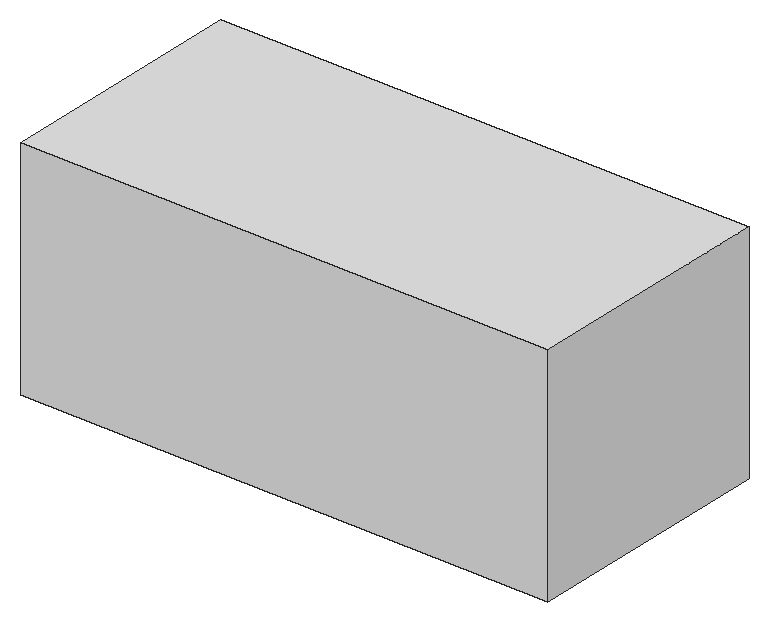
Revit family "LE Storage", category Furniture, Revit 2018
Family settings
  OmniClass Number = 23.40.20.00
  OmniClass Title = General Furniture and Specialties
  Work Plane-Based = No
  Always vertical = Yes
  Cut with Voids When Loaded = No
  Shared = No
  Room Calculation Point = No
Parameters (values of type "1050x500mm Coffee Table")
  URL = "https://studiole.uk"
  Manufacturer = "LE"
  Length = 1050 mm
  Height = 450 mm
  Hangers = no
  Hanger Length = 450 mm
  Hanger End Offset = 120 mm
  Hanger Count = 5
  Hanger Centres = 75 mm
  Frame Material = Generic, White
  Depth = 500 mm
Types (8, lengths in mm): name | Length | Height | Hangers | Depth
  1200x600mm Double Wardrobe | 1000 | 400 | no | 500
  1800x600mm Large Wardobe | 1800 | 2000 | yes | 600
  750x450mm Chest of Drawers | 750 | 800 | no | 450
  450x450mm Occasional Table | 450 | 740 | no | 450
  1050x500mm Coffee Table | 1050 | 450 | no | 500
  500x1000mm Storage Unit 2 Person | 1000 | 400 | no | 500
  500x1500mm Storage Unit 4 Person | 1500 | 740 | no | 500
  500x2000mm Storage Unit 5 Person | 2000 | 740 | no | 500
Reference planes
  plane 1 "Center (Front/Back)": y = 0
  plane 2: z = 0
  plane 3 "Center (Left/Right)": x = 0
  plane 4 "Left": x = -525
  plane 5 "Right": x = 525
  plane 6 "Front": y = -250
  plane 7 "Back": y = 250
  plane 8 "Top": z = 450
  plane 9: y = 225
  plane 10: y = -225
Forms (mm)
  Extrusion 1, solid, material "Generic, White" <- "Frame Material"
    sketch origin (0, 0, 0) x (1, 0, 0) y (0, 1, 0)
      loop
        line (-525, -250) -> (525, -250) -> (525, 250) -> (-525, 250) -> (-525, -250)
    from 0 to 450 <- "Height"
Lines and regions (mm)
  model lines, visible <- "Hangers"
    curve 1: line (-525, 0, 450) -> (525, 0, 450)
    curve 2: line (-405, 225, 740) -> (-405, -225, 740)
    curve 3: line (-330, 225, 740) -> (-330, -225, 740)
    curve 4: line (-255, 225, 740) -> (-255, -225, 740)
    curve 5: line (-180, 225, 740) -> (-180, -225, 740)
    curve 6: line (-105, 225, 740) -> (-105, -225, 740)
Dimensions and locks
  equal spacing: plane 7 "Back", plane 1 "Center (Front/Back)", plane 6 "Front"
  equal spacing: plane 4 "Left", plane 3 "Center (Left/Right)", plane 5 "Right"
  "Length": plane 4 "Left" to plane 5 "Right"
  "Depth": plane 7 "Back" to plane 6 "Front"
  "Height": plane 8 "Top" to plane 2
  equal spacing: plane 9, plane 1 "Center (Front/Back)", plane 10
  "Hanger Length": plane 9 to plane 10
  "Hanger End Offset": plane 4 "Left" to curve 2
  equal spacing: group 1, group 2, group 3, group 4, group 5  (x3)
  "Hanger Centres": curve 3 to curve 2
  aligned and locked: level to plane 2
Automatic sketch dimensions
  Extrusion 1 sketch curve to plane 4 "Left" = 0 mm
  Extrusion 1 sketch curve to plane 5 "Right" = 0 mm
  Extrusion 1 sketch curve to plane 6 "Front" = 0 mm
  Extrusion 1 sketch curve to plane 7 "Back" = 0 mm
  plane 1 "Center (Front/Back)" to curve 1 = 0 mm
  curve 1 to plane 5 "Right" = 0 mm
  curve 1 to plane 4 "Left" = 0 mm
  curve 2 to curve 2 = 450 mm
  curve 3 to curve 3 = 450 mm
  curve 4 to curve 4 = 450 mm
  curve 5 to curve 5 = 450 mm
  curve 6 to curve 6 = 450 mm
